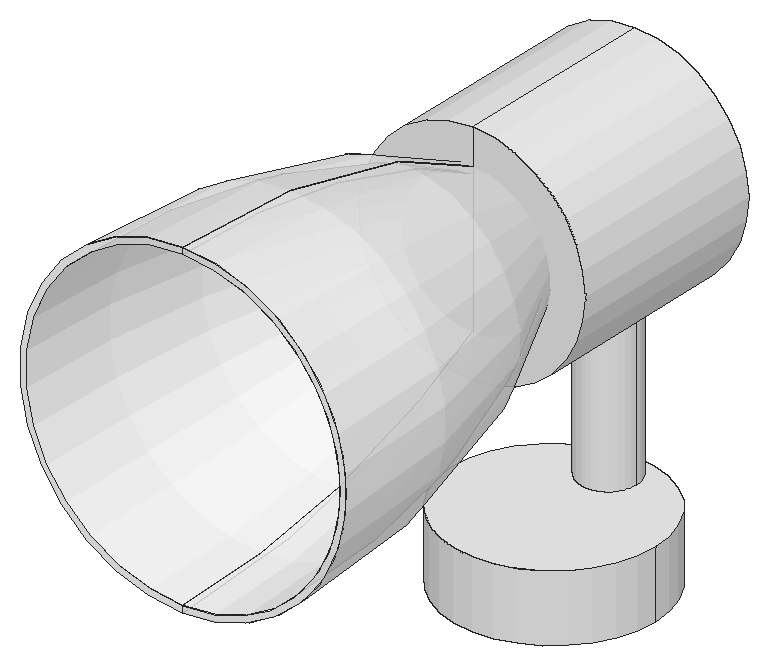
Revit family "CONV_Zero_GnrlPrpseLmnrs_DroppenWall", category Lighting Fixtures, host Face, Revit 2015
Parameters (values of type "LED 8W Opal")
  Wattage = 2.92847 W
  WarrantyStartDate [instance] = "n/a"
  WarrantyGuarantorParts = "n/a"
  WarrantyGuarantorLabor = "n/a"
  WarrantyDurationUnit = "Year"
  WarrantyDurationParts = "n/a"
  WarrantyDurationLabor = "n/a"
  WarrantyDescription = "n/a"
  built-in parameter 1150110 = 1 (stored number, unit not read)
  VersionDate = "09/02/2018"  # constant formula
  Version = "1"  # constant formula
  UsageCurrent = 0 A
  Uniclass2015Reference = "Pr_70_70_48_85"
  Uniclass2015Description = "Surface luminaires"
  Uniclass2 = "Pr_70_70_49"
  URL = "https://www.zerolighting.com/droppen-utomva"
  TotalWattage = 8 W
  built-in parameter 1114217 = 1 (stored number, unit not read)
  Tilt Angle = 0.00°
  built-in parameter 1150109 = 1 (stored number, unit not read)
  built-in parameter 1150134 = (empty or 0)
  TagNumber [instance] = "n/a"
  SustainabilityPerformance = "n/a"
  built-in parameter 1150113 = 1 (stored number, unit not read)
  Size = "145x250x200 mm"
  Shape = "Sculptured"
  SerialNumber [instance] = "n/a"
  Revision = "n/a"
  ReplacementCost = "n/a"
  ProductInformation = "On wall Die casted aluminium. Shade in clear or opal glass. Incandescent models have an open shade. Terminal block 3x4mm². Distance-piece for external mains cable available as accessory. Not suitable for installation where lights may be exposed to corrosion by sea water and sea air."
  Photometric Web File = "Droppen4223-1.IES"
  PhaseReference = "n/a"
  PhaseAngle = 0.00°
  NumberOfSources = 0
  NumberOfPoles = 1
  NominalWidth = 250 mm
  NominalVoltageCalc = 0 V
  NominalVoltage = 230 V
  NominalLength = 145 mm
  NominalHeight = 222.5 mm
  NominalFrequencyRange = 50 Hz
  NominalCurrent = 0 A
  Name = "GnrlPrpseLmnrs_DroppenWall"
  NBSReference = "90-60-50/405"
  NBSDescription = "General purpose luminaires"
  Model = "Droppen LED 8W Opal"
  Manufacturer = "Zero"
  ModelReference = "n/a"
  ModelNumber = "4223-1-85"
  Material = "Aluminum"
  ManufacturersSpecificInformation = "n/a"
  ManufacturerURL = "https://www.zerolighting.com/"
  ManufacturerName = "Zero"
  MaintenanceFactor = 0
  built-in parameter 1150105 = 49.79 (stored number, unit not read)
  Lumens = 435 lm
  built-in parameter 1150115 = 1 (stored number, unit not read)
  LightFixturePlacingType = "Wall"
  LightFixtureMountingType = "Surface"
  LightFixtureMainMaterial = Aluminum
  built-in parameter 1150137 = (empty or 0)
  built-in parameter 1150139 = (empty or 0)
  LensMaterial = Opal Glass
  built-in parameter 1150112 = 1 (stored number, unit not read)
  built-in parameter 1150114 = 1 (stored number, unit not read)
  InsulationStandardClass = "n/a"
  InstallationDate [instance] = "n/a"
  built-in parameter 1150132 = 2
  built-in parameter 1150102 = (empty or 0)
  built-in parameter 1150107 = 3000 (stored number, unit not read)
  built-in parameter 1150138 = (empty or 0)
  built-in parameter 1150106 = 0.4979 (stored number, unit not read)
  IfcExportType = "NOTDEFINED"  # constant formula
  IfcExportAs = "IfcLightFixtureType"  # constant formula
  IP_Code = "IP23"
  HasProtectiveEarth = yes
  Grade = "n/a"
  Finish = "Diecasted aluminum"
  Features = "Terminal block 3x4mm2"
  ExpiringDate = "08/2018"  # constant formula
  ExpectedLife = "n/a"
  Emit from Circle Diameter = 609.6 mm
  Emit Shape Visible in Rendering = no
  ElectricalDeviceNominalPower = 0
  built-in parameter 1150104 = 13.8 (stored number, unit not read)
  EANNumber = "n/a"
  DurationUnit = "Year"
  Dimming Lamp Color Temperature Shift = <None>
  Dimming = "None"
  Designer = "Thomas Sandell"
  Default Elevation = 0 mm
  ConvergoRefNr = "0046-1708-0082-SE"
  Constituents = "n/a"
  Color Filter = 16777215
  Color = "Metallic"
  Collection = "Droppen"
  CodePerformance = "n/a"
  Category = "Wall"
  Brand = "Zero"
  Barcode [instance] = "n/a"
  built-in parameter 1114218 = 1 (stored number, unit not read)
  BIMObjectName = "CONV_Zero_GnrlPrpseLmnrs_DroppenWall"
  Author = "Convergo AB"  # constant formula
  built-in parameter 1150133 = 10 (stored number, unit not read)
  AssetType = "Fixed"
  AssetIdentifier [instance] = "n/a"
  ArticleNumber = "4223-1-85"
  Accessories = "Distance-piece for external mains cable (94140-1-85)"
  AccessibilityPerformance = "n/a"
Types (4, lengths in mm): name | TotalWattage | Model | ModelNumber | LensMaterial | ArticleNumber
  (no name) | 8 W | "Droppen LED 8W Opal" | "4223-1-85" | Opal Glass | "4223-1-85"
  E27/max 53W Opal | 9 W | "Droppen E27/max 53W Opal" | "4220-1-85" | Opal Glass | "4220-1-85"
  E27/max 53W Clear | 9 W | "Droppen E27/max 53W Clear glass" | "4120-1-85" | Clear Glass | "4120-1-85"
  LED 8W Opal | 8 W | "Droppen LED 8W Opal" | "4223-1-85" | Opal Glass | "4223-1-85"
Reference planes
  plane 1 "Center (Front/Back)": y = 0
  plane 2: z = 0
  plane 3 "Center (Left/Right)": x = 0
  plane 4: y = 125
  plane 5: y = -125
  plane 6: x = -72.5
  plane 7: x = 72.5
  plane 8: z = 222.5
Forms (mm)
  Extrusion 1, solid, material "Aluminum" <- "LightFixtureMainMaterial", detail levels coarse
    sketch origin (0, 0, 0) x (0, 1, 0) y (0, 0, 1)
      loop
        line (125, 222.5) -> (-125, 222.5) -> (-125, 0) -> (125, 0) -> (125, 222.5)
    from -72.5 to 72.5
Dimensions and locks
  equal spacing: plane 4, plane 1 "Center (Front/Back)", plane 5
  "NominalWidth": plane 4 to plane 5
  equal spacing: plane 6, plane 3 "Center (Left/Right)", plane 7
  "NominalLength": plane 6 to plane 7
  "NominalHeight": plane 8 to host face
  aligned and locked: plane 2 to host face
  aligned and locked: level to host face
  aligned and locked: plane 8 to Extrusion 1 sketch curve
  aligned and locked: Extrusion 1 sketch curve to level
  aligned and locked: Extrusion 1 to plane 6
  aligned and locked: plane 7 to Extrusion 1
  aligned and locked: plane 4 to Extrusion 1
  aligned and locked: Extrusion 1 to plane 5
  aligned and locked: Extrusion 1 to host face
Automatic sketch dimensions
  host sketch curve to host sketch curve = 2438.4 mm  (x2)
  plane 5 to Extrusion 1 sketch curve = 0 mm
  Extrusion 1 sketch curve to plane 4 = 0 mm
Nested families
  nested 1: "droppen" at (0, 0, 0), Lens <- "LensMaterial", Main <- "LightFixtureMainMaterial", type "droppen"
    with Main Aluminum, Lens Opal Glass
Connectors
  electrical at (0, 0, 0), driven by "NominalVoltage"
    settings: on Extrusion 1, index 1, voltage 230 V, apparent load 0 VA, apparent load phase1 0 VA, apparent load phase2 0 VA, apparent load phase3 0 VA, power factor 1, load classification "Other", number of poles 1, system type 31, power factor state 1, is connector primary yes, connector utility no, sub classification motor no, connector description ""
Definition of nested family "droppen"
  Parameters (values of type "droppen")
    Main [instance] = none
    Lens [instance] = none
  Reference planes
    plane 1 "Center (Front/Back)": y = 0
    plane 2: z = 0
    plane 3 "Center (Left/Right)": x = 0
    plane 4: y = 125
    plane 5: x = -72.5
    plane 6: x = 72.5
    plane 7: y = -125
    plane 8: z = 222.5
  Forms (mm)
    Extrusion 1, solid, material <- "Main", detail levels medium+fine
      sketch origin (0, 0, 0) x (1, 0, 0) y (0, 1, 0)
        loop
          circle (0, 80) r 45
      from 0 to 29.623
    Extrusion 2, solid, material <- "Main", detail levels medium+fine
      sketch origin (0, 0, 0) x (1, 0, 0) y (0, 1, 0)
        loop
          circle (0, 110.084) r 12.5
      from 23.739 to 103.995
    Revolve 3, solid, material <- "Main", detail levels medium+fine
      sketch origin (0, 0, 0) x (0, 1, 0) y (0, 0, 1)
        loop
          line (125, 200) -> (34.928, 200) -> (34.928, 150) -> (125, 150) -> (125, 200)
        axis (125, 150) -> (34.928, 150)
      angle from 0 to 360
    Revolve 4, solid, material <- "Lens", detail levels medium+fine
      sketch origin (0, 0, -2.5) x (0, 1, 0) y (0, 0, 1)
        loop
          line (55.779, 152.5) -> (55.779, 176.959)
          spline (55.779, 176.959) -> (39.994, 186.058) -> (24.476, 193.994) -> (9.183, 200.84) -> (-5.924, 206.664) -> (-20.888, 211.539) -> (-35.747, 215.534) -> (-50.544, 218.721) -> (-65.317, 221.17) -> (-80.109, 222.952) -> (-94.96, 224.137) -> (-109.91, 224.796) -> (-125, 225)
          line (-125, 225) -> (-125, 222.009)
          spline (-125, 222.009) -> (-110.162, 221.787) -> (-95.466, 221.112) -> (-80.872, 219.918) -> (-66.338, 218.137) -> (-51.823, 215.705) -> (-37.284, 212.555) -> (-22.681, 208.621) -> (-7.971, 203.834) -> (6.887, 198.126) -> (21.937, 191.428) -> (37.22, 183.672) -> (52.779, 174.789)
          line (52.779, 174.789) -> (52.779, 152.5) -> (55.779, 152.5)
        axis (55.779, 152.5) -> (-125, 152.5)
      angle from 0 to 360
  Cuts and joins
    joined: Extrusion 1, Extrusion 2, Revolve 3
  Lines and regions (mm)
    symbolic lines, detail levels medium+fine
      curve 1: line (0, 34.928, 200) -> (0, 34.928, 186.049)
      curve 2: line (0, 125, 29.623) -> (0, 122.584, 29.623)
      curve 3: line (0, 35, 0) -> (0, 125, 0)
      curve 4: line (0, -125, 222.5) -> (0, -125, 77.5)
      curve 5: line (0, 125, 200) -> (0, 125, 100)
      curve 6: line (0, 125, 200) -> (0, 34.928, 200)
      curve 7: line (0, 34.928, 100) -> (0, 97.584, 100)
      curve 8: line (0, 125, 100) -> (0, 122.584, 100)
      curve 10: line (0, 122.584, 100) -> (0, 122.584, 29.623)
      curve 11: line (0, 97.584, 100) -> (0, 97.584, 29.623)
      curve 12: line (0, 35, 29.623) -> (0, 35, 0)
      curve 13: line (0, 125, 29.623) -> (0, 125, 0)
      curve 15: line (0, 97.584, 29.623) -> (0, 35, 29.623)
      curve 16: line (0, -125, 222.5) -> (0, 34.928, 186.049)
      curve 17: line (0, -125, 77.5) -> (0, 34.928, 113.951)
      curve 19: line (0, 34.928, 113.951) -> (0, 34.928, 100)
      curve 20: line (45, 0, 29.623) -> (12.5, 0, 29.623)
      curve 21: line (-45, 0, 0) -> (45, 0, 0)
      curve 25: arc (0, 0, 222.5) -> (72.228, 0, 156.274) -> (12.5, 0, 78.586) r 72.5
      curve 26: line (-12.5, 0, 29.623) -> (-12.5, 0, 78.586)
      curve 27: line (12.5, 0, 29.623) -> (12.5, 0, 78.586)
      curve 28: line (45, 0, 29.623) -> (45, 0, 0)
      curve 29: line (-45, 0, 29.623) -> (-45, 0, 0)
      curve 30: line (-12.5, 0, 29.623) -> (-45, 0, 29.623)
      curve 32: arc (-12.5, 0, 78.586) -> (-72.228, 0, 156.274) -> (0, 0, 222.5) r 72.5
      curve 34: line (-50, 125, 0) -> (0, 125, 0)
      curve 35: line (0, 125, 0) -> (50, 125, 0)
      curve 37: line (-50, 34.928, 0) -> (-35.578, 34.928, 0)
      curve 38: line (-72.5, -125, 0) -> (0, -125, 0)
      curve 39: line (0, -125, 0) -> (72.5, -125, 0)
      curve 40: line (-50, 125, 0) -> (-50, 34.928, 0)
      curve 41: line (50, 125, 0) -> (50, 34.928, 0)
      curve 42: line (-72.5, -125, 0) -> (-35.578, 34.928, 0)
      curve 43: line (72.5, -125, 0) -> (35.578, 34.928, 0)
      curve 45: line (35.578, 34.928, 0) -> (50, 34.928, 0)
    symbolic lines, detail levels fine
      curve 9: arc (0, 122.584, 100) -> (0, 110.084, 101.596) -> (0, 97.584, 100) r 49.746
      curve 14: line (0, 122.584, 29.623) -> (0, 97.584, 29.623)
      curve 18: line (0, 34.928, 186.049) -> (0, 34.928, 113.951)
      curve 22: arc (0, 0, 219.509) -> (-69.509, 0, 150) -> (0, 0, 80.491) r 69.509
      curve 23: arc (0, 0, 77.5) -> (-6.274, 0, 77.772) -> (-12.5, 0, 78.586) r 72.5
      curve 24: arc (0, 0, 80.491) -> (69.509, 0, 150) -> (0, 0, 219.509) r 69.509
      curve 31: line (12.5, 0, 29.623) -> (-12.5, 0, 29.623)
      curve 33: arc (12.5, 0, 78.586) -> (6.274, 0, 77.772) -> (0, 0, 77.5) r 72.5
      curve 36: line (0, 34.928, 0) -> (35.578, 34.928, 0)
      curve 44: line (-35.578, 34.928, 0) -> (0, 34.928, 0)
  Dimensions and locks
    equal spacing: plane 4, plane 1 "Center (Front/Back)", plane 7
    plane 4 to plane 7 = 250 mm
    equal spacing: plane 5, plane 3 "Center (Left/Right)", plane 6
    plane 5 to plane 6 = 145 mm
    level to plane 8 = 222.5 mm
    aligned and locked: level to plane 2
    aligned and locked: cut or joined group of Extrusion 1, Extrusion 2, Revolve 3 to curve 1
    aligned and locked: curve 2 to cut or joined group of Extrusion 1, Extrusion 2, Revolve 3
    aligned and locked: curve 3 to cut or joined group of Extrusion 1, Extrusion 2, Revolve 3
    aligned and locked: curve 4 to Revolve 4
    aligned and locked: cut or joined group of Extrusion 1, Extrusion 2, Revolve 3 to curve 5
    aligned and locked: curve 20 to cut or joined group of Extrusion 1, Extrusion 2, Revolve 3
    aligned and locked: curve 21 to cut or joined group of Extrusion 1, Extrusion 2, Revolve 3
    aligned and locked: curve 22 to Revolve 4
    aligned and locked: curve 23 to Revolve 4
    aligned and locked: curve 24 to Revolve 4
    aligned and locked: curve 25 to Revolve 4
    aligned and locked: curve 34 to cut or joined group of Extrusion 1, Extrusion 2, Revolve 3
    aligned and locked: curve 35 to cut or joined group of Extrusion 1, Extrusion 2, Revolve 3
    aligned and locked: curve 36 to cut or joined group of Extrusion 1, Extrusion 2, Revolve 3
    aligned and locked: curve 37 to cut or joined group of Extrusion 1, Extrusion 2, Revolve 3
    aligned and locked: curve 38 to Revolve 4
    aligned and locked: curve 39 to Revolve 4
  Automatic sketch dimensions
    curve 16 to plane 7 = 0 mm
    curve 3 to plane 4 = 0 mm
    plane 8 to curve 4 = 0 mm
    curve 15 to plane 1 "Center (Front/Back)" = 35 mm
    curve 14 to plane 4 = 27.416 mm
    curve 9 to plane 4 = 14.916 mm
    curve 14 to plane 4 = 2.416 mm
    curve 11 to curve 9 = 22.227 mm
    level to curve 4 = 77.5 mm
    curve 9 to curve 8 = 48.15 mm
    curve 7 to curve 17 = 13.951 mm
    plane 8 to curve 16 = 36.451 mm
    plane 8 to curve 6 = 22.5 mm
    curve 21 to level = 0 mm
    curve 26 to plane 3 "Center (Left/Right)" = 12.5 mm
    plane 5 to curve 29 = 27.5 mm
    plane 3 "Center (Left/Right)" to curve 20 = 12.5 mm
    curve 28 to plane 6 = 27.5 mm
    level to curve 20 = 29.623 mm
    curve 38 to plane 5 = 0 mm
    curve 34 to plane 4 = 0 mm
    curve 35 to plane 3 "Center (Left/Right)" = 0 mm
    curve 38 to plane 3 "Center (Left/Right)" = 0 mm
    curve 44 to plane 3 "Center (Left/Right)" = 0 mm
    curve 43 to plane 6 = 0 mm
    curve 39 to plane 7 = 0 mm
    plane 5 to curve 37 = 22.5 mm
    curve 41 to plane 6 = 22.5 mm
    curve 44 to plane 1 "Center (Front/Back)" = 34.928 mm
    curve 37 to curve 42 = 14.422 mm
    curve 43 to curve 45 = 14.422 mm
    Extrusion 1 sketch curve to plane 3 "Center (Left/Right)" = 0 mm
    Extrusion 1 sketch curve to plane 4 = 45 mm
    Extrusion 2 sketch curve to plane 3 "Center (Left/Right)" = 0 mm
    Extrusion 2 sketch curve to plane 4 = 14.916 mm
    Revolve 3 sketch curve to plane 4 = 0 mm  (x2)
    Revolve 3 sketch curve to plane 1 "Center (Front/Back)" = 34.928 mm
    plane 8 to Revolve 3 sketch curve = 72.5 mm
    plane 8 to Revolve 3 sketch curve = 22.5 mm
    Revolve 3 sketch curve to Revolve 3 sketch curve = 0 mm  (x2)
    Revolve 4 sketch curve to plane 7 = 0 mm  (x2)
    plane 8 to Revolve 4 sketch curve = 0 mm
    Revolve 4 sketch curve to plane 1 "Center (Front/Back)" = 52.779 mm
    Revolve 4 sketch curve to Revolve 4 sketch curve = 3 mm
    Revolve 4 sketch curve to Revolve 4 sketch curve = 2.991 mm
    plane 8 to Revolve 4 sketch curve = 48.041 mm
    Revolve 4 sketch curve to Revolve 4 sketch curve = 2.17 mm
    Revolve 4 sketch curve to Revolve 4 sketch curve = 22.289 mm
    Revolve 4 sketch curve to Revolve 4 sketch curve = 14 mm
    Revolve 4 sketch curve to Revolve 4 sketch curve = 0 mm
    radius of Extrusion 1 sketch curve = 45 mm
    radius of Extrusion 2 sketch curve = 12.5 mm
